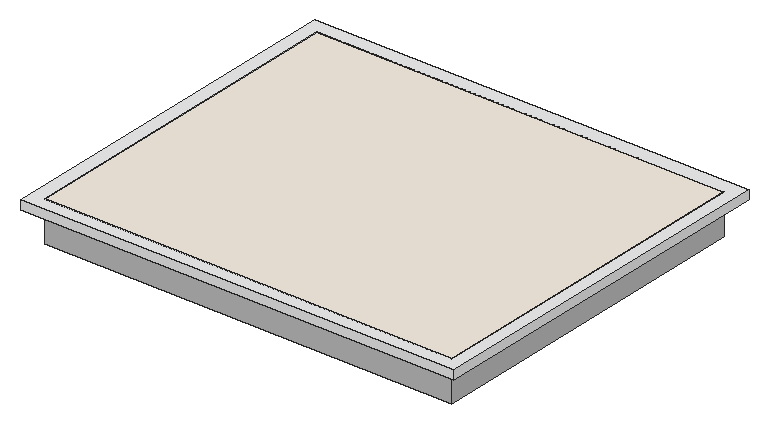
Revit family "Lighting-Industrial-GEWISS-ELIA-HL-LED_HIGHBAY", category Apparecchi per illuminazione, host Superficie, Revit 2019 (continued)
Types (12, lengths in mm): name | Weight (kg): | Weight (kg) | Voltage | Technical sheet | System power | Optic | built-in parameter 1150142 | Lumen output (lm) | Model | IDT | File diagramma fotometrico | Description
    5.45 1685.04 1609.22 1536.12 \r\n1464.72 1395.02 1325.66 1258.26 1193.91 1131.61 1070.15 \r\n1010.14 951.07 893.69 838.36 785.32 735.16 687.99 644.13 \r\n602.99 564.57 528.11 492.75 458.92 427.13 396.44 366.44 \r\n337.37 309.57 282.96 257.55 233.16 209.44 187.25 167.39 \r\n149.08 131.87 115.70 100.32 85.94 72.77 60.64 49.37 39.21 \r\n30.33 22.73 16.48 11.61 8.33 6.31 5.26 5.27 \r\n4943.60 4943.60 4943.60 4945.30 4946.15 4947.00 4948.70 \r\n4950.40 4952.10 4954.65 4956.35 4958.90 4962.30 4964.85 \r\n4968.25 4971.65 4975.90 4979.30 4984.40 4988.65 4993.75 \r\n4998.00 5003.10 5007.35 5012.45 5016.70 5020.95 5026.05 \r\n5031.15 5035.40 5040.50 5045.60 5050.70 5055.80 5061.75 \r\n5067.70 5073.65 5080.45 5086.40 5093.20 5099.15 5105.95 \r\n5111.90 5118.70 5125.50 5131.45 5138.25 5145.05 5151.00 \r\n5158.65 5165.45 5172.25 5179.05 5185.85 5191.80 5198.60 \r\n5205.40 5211.35 5218.15 5223.25 5228.35 5231.75 5236.00 \r\n5238.55 5241.95 5243.65 5245.35 5245.35 5245.35 5243.65 \r\n5241.95 5240.25 5236.85 5232.60 5226.65 5219.85 5212.20 \r\n5203.70 5192.65 5182.45 5169.70 5156.95 5142.50 5127.20 \r\n5110.20 5092.35 5072.80 5051.55 5028.60 5006.50 4981.85 \r\n4952.95 4921.50 4886.65 4849.25 4808.45 4763.40 4711.55 \r\n4653.75 4590.00 4521.15 4449.75 4374.10 4299.30 4221.95 \r\n4139.50 4049.40 3950.80 3846.25 3734.90 3621.00 3507.10 \r\n3394.05 3284.40 3174.75 3068.50 2964.80 2867.05 2770.15 \r\n2669.85 2571.25 2475.20 2381.70 2287.35 2194.70 2107.15 \r\n2021.30 1934.60 1848.75 1766.30 1686.14 1610.15 1536.80 \r\n1464.89 1394.68 1325.66 1258.60 1194.42 1131.94 1070.66 \r\n1010.57 951.58 894.12 838.78 785.74 735.42 688.16 644.22 \r\n603.08 564.57 528.11 492.83 459.00 427.04 396.44 366.44 \r\n337.45 309.83 283.31 257.72 233.32 209.70 187.59 167.59 \r\n149.20 131.95 115.75 100.40 86.05 72.86 60.70 49.44 39.29 \r\n30.35 22.73 16.50 11.68 8.41 6.38 5.31 5.28 \r\n4943.60 4943.60 4943.60 4945.30 4946.15 4947.00 4947.85 \r\n4950.40 4952.10 4953.80 4956.35 4958.90 4962.30 4964.85 \r\n4968.25 4971.65 4975.90 4979.30 4984.40 4988.65 4993.75 \r\n4998.00 5003.10 5007.35 5012.45 5017.55 5020.95 5026.05 \r\n5031.15 5036.25 5040.50 5046.45 5051.55 5057.50 5062.60 \r\n5068.55 5074.50 5081.30 5088.10 5094.05 5100.00 5105.95 \r\n5112.75 5118.70 5125.50 5132.30 5139.95 5145.90 5152.70 \r\n5158.65 5166.30 5173.10 5179.90 5186.70 5193.50 5200.30 \r\n5206.25 5213.05 5218.15 5223.25 5228.35 5233.45 5236.85 \r\n5240.25 5242.80 5245.35 5246.20 5247.05 5246.20 5245.35 \r\n5243.65 5241.10 5238.55 5233.45 5228.35 5221.55 5213.90 \r\n5204.55 5194.35 5182.45 5171.40 5157.80 5144.20 5128.05 \r\n5111.05 5092.35 5073.65 5052.40 5030.30 5006.50 4981.00 \r\n4952.95 4922.35 4887.50 4850.10 4808.45 4763.40 4712.40 \r\n4654.60 4590.00 4522.00 4449.75 4374.10 4300.15 4221.10 \r\n4137.80 4049.40 3950.80 3846.25 3734.90 3621.85 3507.95 \r\n3395.75 3284.40 3175.60 3069.35 2965.65 2867.90 2770.15 \r\n2670.70 2571.25 2476.05 2382.55 2288.20 2196.40 2108.00 \r\n2021.30 1935.45 1850.45 1768.00 1687.42 1611.26 1537.56 \r\n1465.23 1394.60 1325.74 1259.02 1194.93 1132.54 1071.26 \r\n1011.25 952.17 894.71 839.29 786.25 736.01 688.59 644.64 \r\n603.41 564.83 528.27 492.92 459.17 427.13 396.44 366.52 \r\n337.70 310.17 283.73 258.14 233.50 209.95 187.85 167.91 \r\n149.40 132.08 115.86 100.54 86.22 73.00 60.79 49.53 39.36 \r\n30.40 22.73 16.53 11.75 8.49 6.45 5.35 5.28 \r\n4943.60 4943.60 4943.60 4944.45 4946.15 4947.00 4948.70 \r\n4950.40 4952.10 4953.80 4956.35 4958.90 4962.30 4964.85 \r\n4968.25 4971.65 4975.05 4979.30 4984.40 4988.65 4993.75 \r\n4998.00 5003.10 5008.20 5012.45 5017.55 5021.80 5026.05 \r\n5031.15 5036.25 5042.20 5046.45 5051.55 5057.50 5063.45 \r\n5069.40 5076.20 5081.30 5088.10 5094.05 5100.85 5107.65 \r\n5113.60 5119.55 5127.20 5133.15 5139.95 5146.75 5152.70 \r\n5160.35 5166.30 5173.95 5180.75 5187.55 5193.50 5200.30 \r\n5207.10 5213.05 5219.85 5224.95 5230.05 5234.30 5238.55 \r\n5241.95 5244.50 5246.20 5247.90 5247.90 5247.05 5246.20 \r\n5244.50 5241.95 5238.55 5234.30 5229.20 5223.25 5214.75 \r\n5205.40 5195.20 5184.15 5172.25 5159.50 5144.20 5128.90 \r\n5111.90 5093.20 5073.65 5053.25 5030.30 5007.35 4981.85 \r\n4953.80 4922.35 4887.50 4850.10 4809.30 4763.40 4712.40 \r\n4654.60 4590.85 4522.00 4449.75 4374.95 4300.15 4221.10 \r\n4137.80 4048.55 3950.80 3846.25 3736.60 3622.70 3508.80 \r\n3396.60 3285.25 3176.45 3070.20 2966.50 2867.90 2771.00 \r\n2671.55 2572.10 2476.05 2382.55 2289.05 2197.25 2109.70 \r\n2023.00 1936.30 1852.15 1768.85 1688.78 1612.45 1538.41 \r\n1465.48 1394.51 1326.00 1259.62 1195.61 1133.31 1072.02 \r\n1012.01 952.93 895.47 839.97 786.93 736.70 689.18 645.15 \r\n603.84 565.16 528.45 493.17 459.42 427.38 396.52 366.69 \r\n337.96 310.50 284.15 258.49 233.84 210.29 188.36 168.24 \r\n149.65 132.27 116.03 100.72 86.43 73.17 60.92 49.65 39.47 \r\n30.45 22.75 16.57 11.83 8.57 6.52 5.40 5.29 \r\n4943.60 4943.60 4943.60 4944.45 4946.15 4947.85 4948.70 \r\n4950.40 4952.10 4953.80 4956.35 4958.90 4962.30 4964.85 \r\n4968.25 4971.65 4975.05 4979.30 4984.40 4988.65 4993.75 \r\n4998.00 5003.10 5008.20 5012.45 5017.55 5022.65 5026.90 \r\n5032.00 5037.10 5042.20 5048.15 5052.40 5058.35 5064.30 \r\n5070.25 5076.20 5082.15 5088.95 5095.75 5101.70 5107.65 \r\n5114.45 5120.40 5127.20 5134.00 5140.80 5147.60 5154.40 \r\n5160.35 5168.00 5174.80 5181.60 5188.40 5195.20 5202.00 \r\n5207.95 5214.75 5219.85 5226.65 5230.90 5236.00 5239.40 \r\n5242.80 5245.35 5247.05 5247.90 5248.75 5247.90 5247.05 \r\n5245.35 5242.80 5239.40 5236.00 5230.05 5223.25 5216.45 \r\n5207.10 5196.90 5185.00 5173.95 5160.35 5145.90 5129.75 \r\n5112.75 5094.90 5075.35 5053.25 5030.30 5007.35 4981.85 \r\n4953.80 4922.35 4888.35 4850.95 4809.30 4763.40 4712.40 \r\n4654.60 4590.00 4521.15 4449.75 4374.95 4299.30 4220.25 \r\n4136.95 4047.70 3949.95 3846.25 3736.60 3623.55 3510.50 \r\n3397.45 3286.10 3177.30 3070.20 2966.50 2867.90 2771.00 \r\n2670.70 2572.10 2476.05 2382.55 2289.05 2198.95 2110.55 \r\n2023.85 1937.15 1852.15 1769.70 1690.31 1613.64 1539.27 \r\n1465.82 1394.43 1326.17 1260.30 1196.38 1134.07 1072.95 \r\n1013.03 953.87 896.33 840.82 787.70 737.46 690.03 645.83 \r\n604.43 565.59 528.70 493.42 459.77 427.55 396.69 366.86 \r\n338.21 310.85 284.58 258.91 234.26 210.80 188.87 168.61 \r\n149.96 132.51 116.22 100.94 86.67 73.36 61.07 49.78 39.58 \r\n30.51 22.76 16.61 11.90 8.65 6.59 5.44 5.29 \r\n4943.60 4943.60 4943.60 4944.45 4946.15 4947.85 4948.70 \r\n4950.40 4952.10 4953.80 4956.35 4958.90 4962.30 4964.85 \r\n4968.25 4971.65 4975.05 4980.15 4984.40 4988.65 4993.75 \r\n4998.85 5003.10 5008.20 5013.30 5017.55 5022.65 5026.90 \r\n5032.00 5037.10 5043.05 5048.15 5054.10 5059.20 5065.15 \r\n5071.10 5077.05 5083.85 5089.80 5095.75 5102.55 5108.50 \r\n5114.45 5121.25 5128.05 5134.85 5141.65 5147.60 5154.40 \r\n5162.05 5168.00 5175.65 5182.45 5188.40 5195.20 5202.00 \r\n5208.80 5215.60 5221.55 5227.50 5232.60 5236.85 5241.10 \r\n5243.65 5247.05 5248.75 5248.75 5248.75 5248.75 5247.90 \r\n5246.20 5243.65 5240.25 5236.85 5230.90 5224.95 5216.45 \r\n5207.95 5197.75 5186.70 5174.80 5161.20 5146.75 5129.75 \r\n5112.75 5094.90 5075.35 5054.10 5030.30 5007.35 4981.85 \r\n4953.80 4922.35 4888.35 4850.95 4810.15 4764.25 4711.55 \r\n4654.60 4590.00 4521.15 4449.75 4374.95 4299.30 4220.25 \r\n4136.10 4046.85 3950.80 3847.10 3737.45 3624.40 3511.35 \r\n3398.30 3287.80 3178.15 3071.05 2967.35 2868.75 2771.85 \r\n2671.55 2572.10 2476.90 2382.55 2290.75 2199.80 2112.25 \r\n2024.70 1938.00 1853.85 1771.40 1691.76 1615.09 1540.29 \r\n1466.25 1394.43 1326.51 1261.06 1197.22 1135.01 1073.89 \r\n1013.97 954.80 897.26 841.75 788.63 738.39 690.88 646.68 \r\n605.03 566.10 529.13 493.77 460.11 427.81 396.87 367.12 \r\n338.56 311.36 285.09 259.34 234.51 211.23 189.29 169.10 \r\n150.31 132.78 116.44 101.18 86.94 73.58 61.23 49.92 39.71 \r\n30.57 22.79 16.66 11.98 8.73 6.66 5.49 5.30 \r\n4943.60 4943.60 4944.45 4944.45 4946.15 4947.85 4948.70 \r\n4950.40 4952.10 4953.80 4955.50 4958.90 4962.30 4964.85 \r\n4968.25 4971.65 4975.05 4980.15 4984.40 4988.65 4993.75 \r\n4998.85 5003.10 5008.20 5013.30 5018.40 5023.50 5028.60 \r\n5032.85 5037.95 5043.05 5049.00 5054.10 5060.05 5066.00 \r\n5071.95 5078.75 5083.85 5090.65 5096.60 5103.40 5109.35 \r\n5116.15 5122.10 5128.90 5135.70 5141.65 5148.45 5156.10 \r\n5162.05 5169.70 5176.50 5182.45 5190.10 5196.90 5203.70 \r\n5209.65 5216.45 5222.40 5228.35 5233.45 5237.70 5241.95 \r\n5245.35 5247.90 5249.60 5249.60 5249.60 5249.60 5248.75 \r\n5247.05 5244.50 5241.95 5236.85 5232.60 5225.80 5218.15 \r\n5208.80 5198.60 5187.55 5175.65 5162.05 5146.75 5131.45 \r\n5113.60 5095.75 5076.20 5054.10 5031.15 5007.35 4981.85 \r\n4953.80 4922.35 4889.20 4851.80 4810.15 4764.25 4711.55 \r\n4653.75 4589.15 4521.15 4448.90 4374.10 4299.30 4219.40 \r\n4136.10 4046.00 3949.95 3847.10 3737.45 3624.40 3512.20 \r\n3400.00 3287.80 3178.15 3071.05 2967.35 2868.75 2771.00 \r\n2671.55 2572.10 2476.90 2383.40 2290.75 2200.65 2112.25 \r\n2025.55 1939.70 1855.55 1773.10 1693.29 1616.36 1541.22 \r\n1466.68 1394.68 1327.02 1261.82 1198.16 1135.86 1074.91 \r\n1015.07 955.91 898.20 842.69 789.57 739.25 691.73 647.45 \r\n605.79 566.53 529.47 494.11 460.44 428.14 397.04 367.37 \r\n338.89 311.78 285.60 259.76 234.94 211.65 189.80 169.52 \r\n150.67 133.08 116.69 101.44 87.22 73.81 61.41 50.07 39.83 \r\n30.65 22.82 16.71 12.06 8.81 6.73 5.53 5.31 \r\n4943.60 4943.60 4944.45 4944.45 4946.15 4947.00 4948.70 \r\n4950.40 4952.10 4953.80 4956.35 4958.90 4962.30 4964.00 \r\n4968.25 4971.65 4975.90 4980.15 4984.40 4989.50 4993.75 \r\n4998.85 5003.95 5008.20 5013.30 5018.40 5023.50 5028.60 \r\n5033.70 5038.80 5044.75 5049.00 5054.95 5060.90 5066.85 \r\n5071.95 5078.75 5084.70 5091.50 5098.30 5103.40 5110.20 \r\n5116.15 5122.95 5128.90 5135.70 5143.35 5149.30 5156.10 \r\n5162.90 5170.55 5176.50 5184.15 5190.95 5196.90 5203.70 \r\n5210.50 5217.30 5224.10 5229.20 5235.15 5238.55 5242.80 \r\n5246.20 5248.75 5250.45 5251.30 5251.30 5250.45 5249.60 \r\n5247.90 5246.20 5242.80 5238.55 5233.45 5226.65 5219.00 \r\n5210.50 5199.45 5188.40 5176.50 5162.90 5147.60 5132.30 \r\n5113.60 5095.75 5076.20 5054.95 5031.15 5007.35 4982.70 \r\n4953.80 4922.35 4889.20 4852.65 4810.15 4764.25 4711.55 \r\n4652.90 4588.30 4520.30 4448.05 4374.10 4298.45 4219.40 \r\n4135.25 4046.00 3949.95 3847.10 3738.30 3625.25 3513.05 \r\n3400.00 3289.50 3178.15 3071.90 2968.20 2868.75 2771.85 \r\n2672.40 2572.95 2476.90 2383.40 2290.75 2201.50 2113.95 \r\n2026.40 1940.55 1855.55 1774.80 1694.81 1617.63 1542.15 \r\n1467.36 1394.94 1327.53 1262.85 1199.10 1136.79 1075.85 \r\n1016.00 956.84 899.13 843.71 790.50 740.26 692.75 648.29 \r\n606.56 567.12 529.89 494.62 460.87 428.31 397.29 367.54 \r\n339.23 312.20 286.11 260.19 235.28 212.16 190.40 170.06 \r\n151.05 133.39 116.97 101.72 87.50 74.06 61.61 50.23 39.97 \r\n30.74 22.87 16.77 12.14 8.89 6.79 5.57 5.31 \r\n4943.60 4943.60 4944.45 4944.45 4946.15 4947.00 4948.70 \r\n4950.40 4952.10 4953.80 4956.35 4958.90 4962.30 4964.00 \r\n4968.25 4971.65 4975.90 4980.15 4984.40 4989.50 4993.75 \r\n4998.85 5003.95 5009.05 5013.30 5018.40 5023.50 5028.60 \r\n5033.70 5039.65 5044.75 5050.70 5055.80 5061.75 5066.85 \r\n5073.65 5079.60 5086.40 5091.50 5098.30 5105.10 5110.20 \r\n5117.00 5122.95 5129.75 5136.55 5143.35 5150.15 5156.95 \r\n5163.75 5170.55 5178.20 5184.15 5190.95 5198.60 5205.40 \r\n5212.20 5219.00 5224.95 5230.05 5235.15 5240.25 5244.50 \r\n5247.05 5250.45 5251.30 5252.15 5252.15 5252.15 5250.45 \r\n5248.75 5247.05 5243.65 5239.40 5234.30 5227.50 5219.85 \r\n5210.50 5200.30 5189.25 5176.50 5163.75 5148.45 5131.45 \r\n5114.45 5096.60 5076.20 5054.95 5032.00 5007.35 4981.85 \r\n4953.80 4922.35 4889.20 4852.65 4811.00 4763.40 4710.70 \r\n4652.05 4587.45 4519.45 4447.20 4374.10 4297.60 4218.55 \r\n4134.40 4045.15 3949.10 3847.10 3738.30 3626.10 3513.90 \r\n3400.85 3289.50 3179.85 3071.90 2968.20 2869.60 2771.00 \r\n2671.55 2572.95 2476.90 2383.40 2292.45 2202.35 2113.95 \r\n2027.25 1941.40 1857.25 1774.80 1696.09 1618.82 1543.09 \r\n1467.95 1395.36 1328.21 1263.78 1200.03 1137.72 1076.87 \r\n1017.11 957.87 900.15 844.56 791.43 741.20 693.68 649.14 \r\n607.33 567.72 530.32 494.95 461.21 428.65 397.55 367.96 \r\n339.58 312.63 286.62 260.61 235.79 212.59 190.91 170.52 \r\n151.44 133.72 117.25 102.00 87.79 74.31 61.80 50.40 40.09 \r\n30.82 22.92 16.83 12.22 8.96 6.85 5.60 5.32 \r\n4943.60 4943.60 4944.45 4944.45 4946.15 4947.00 4948.70 \r\n4950.40 4952.10 4953.80 4956.35 4958.90 4962.30 4964.00 \r\n4968.25 4972.50 4975.90 4980.15 4984.40 4989.50 4993.75 \r\n4998.85 5003.95 5009.05 5014.15 5019.25 5024.35 5029.45 \r\n5034.55 5039.65 5044.75 5050.70 5056.65 5062.60 5068.55 \r\n5073.65 5079.60 5086.40 5092.35 5099.15 5105.10 5111.90 \r\n5117.85 5123.80 5130.60 5137.40 5144.20 5151.00 5157.80 \r\n5164.60 5172.25 5178.20 5185.85 5192.65 5199.45 5206.25 \r\n5213.05 5219.85 5225.80 5231.75 5236.00 5241.10 5245.35 \r\n5248.75 5250.45 5252.15 5253.00 5253.00 5252.15 5251.30 \r\n5249.60 5247.05 5243.65 5240.25 5235.15 5229.20 5220.70 \r\n5211.35 5201.15 5190.10 5177.35 5164.60 5148.45 5132.30 \r\n5115.30 5096.60 5076.20 5054.95 5032.00 5008.20 4982.70 \r\n4953.80 4923.20 4890.05 4853.50 4811.00 4763.40 4710.70 \r\n4651.20 4586.60 4518.60 4446.35 4373.25 4296.75 4218.55 \r\n4133.55 4044.30 3948.25 3846.25 3738.30 3626.10 3513.90 \r\n3401.70 3289.50 3179.85 3072.75 2969.05 2869.60 2771.85 \r\n2671.55 2573.80 2476.90 2383.40 2292.45 2203.20 2114.80 \r\n2028.10 1942.25 1858.10 1776.50 1697.62 1620.02 1544.11 \r\n1468.63 1395.95 1328.97 1264.80 1201.13 1138.74 1077.80 \r\n1018.04 958.72 900.91 845.50 792.37 742.13 694.71 650.08 \r\n608.00 568.22 530.65 495.30 461.55 428.91 397.71 368.13 \r\n339.92 313.06 286.96 261.04 236.13 213.09 191.42 170.99 \r\n151.82 134.05 117.54 102.29 88.06 74.55 61.99 50.55 40.22 \r\n30.91 22.98 16.90 12.29 9.03 6.91 5.64 5.32 \r\n4943.60 4943.60 4944.45 4944.45 4946.15 4947.00 4948.70 \r\n4950.40 4952.10 4953.80 4956.35 4958.90 4962.30 4964.00 \r\n4968.25 4972.50 4976.75 4980.15 4985.25 4989.50 4994.60 \r\n4999.70 5003.95 5009.05 5014.15 5019.25 5024.35 5029.45 \r\n5034.55 5039.65 5045.60 5050.70 5056.65 5062.60 5068.55 \r\n5074.50 5081.30 5086.40 5092.35 5099.15 5105.95 5111.90 \r\n5118.70 5124.65 5131.45 5137.40 5145.05 5151.85 5158.65 \r\n5166.30 5172.25 5179.90 5186.70 5193.50 5201.15 5207.95 \r\n5214.75 5221.55 5227.50 5232.60 5237.70 5241.95 5246.20 \r\n5249.60 5251.30 5253.00 5254.70 5254.70 5253.00 5252.15 \r\n5250.45 5247.90 5244.50 5241.10 5235.15 5230.05 5221.55 \r\n5212.20 5202.00 5190.10 5178.20 5164.60 5149.30 5133.15 \r\n5115.30 5096.60 5077.05 5055.80 5032.85 5009.05 4983.55 \r\n4954.65 4924.05 4890.90 4854.35 4811.85 4763.40 4709.85 \r\n4650.35 4585.75 4516.05 4446.35 4372.40 4297.60 4218.55 \r\n4133.55 4043.45 3948.25 3846.25 3737.45 3626.10 3513.90 \r\n3400.85 3289.50 3179.85 3073.60 2969.90 2869.60 2771.00 \r\n2672.40 2573.80 2476.90 2382.55 2292.45 2203.20 2115.65 \r\n2028.10 1942.25 1858.10 1777.35 1698.13 1620.53 1544.88 \r\n1469.90 1397.82 1331.02 1266.59 1202.32 1139.51 1078.48 \r\n1018.64 959.31 901.34 845.92 792.88 742.64 695.22 650.59 \r\n608.60 568.65 531.00 495.55 461.72 429.25 398.06 368.39 \r\n340.17 313.14 287.05 261.12 236.30 213.26 191.68 171.22 \r\n152.08 134.35 117.86 102.54 88.24 74.71 62.17 50.69 40.32 \r\n31.02 23.09 16.99 12.37 9.10 6.97 5.68 5.33 \r\n4943.60 4943.60 4944.45 4944.45 4946.15 4947.00 4948.70 \r\n4950.40 4952.10 4953.80 4956.35 4958.90 4962.30 4964.85 \r\n4968.25 4972.50 4976.75 4980.15 4985.25 4989.50 4994.60 \r\n4999.70 5004.80 5010.75 5015.00 5020.10 5025.20 5030.30 \r\n5035.40 5041.35 5046.45 5052.40 5057.50 5062.60 5068.55 \r\n5075.35 5081.30 5087.25 5093.20 5099.15 5105.95 5112.75 \r\n5118.70 5125.50 5131.45 5138.25 5145.90 5152.70 5158.65 \r\n5166.30 5173.95 5180.75 5188.40 5195.20 5202.00 5208.80 \r\n5215.60 5222.40 5229.20 5234.30 5238.55 5243.65 5247.90 \r\n5251.30 5253.00 5254.70 5254.70 5254.70 5254.70 5253.85 \r\n5252.15 5249.60 5246.20 5241.95 5236.85 5230.05 5222.40 \r\n5213.05 5202.85 5190.95 5179.05 5165.45 5150.15 5133.15 \r\n5116.15 5097.45 5077.90 5056.65 5033.70 5009.90 4984.40 \r\n4956.35 4924.90 4892.60 4855.20 4811.85 4763.40 4709.00 \r\n4649.50 4584.90 4515.20 4444.65 4372.40 4296.75 4217.70 \r\n4133.55 4043.45 3947.40 3846.25 3737.45 3625.25 3512.20 \r\n3400.00 3289.50 3179.85 3073.60 2969.05 2869.60 2771.85 \r\n2671.55 2573.80 2477.75 2383.40 2291.60 2203.20 2114.80 \r\n2028.10 1943.10 1859.80 1777.35 1698.56 1621.04 1545.56 \r\n1471.27 1399.78 1332.97 1268.37 1203.60 1140.36 1079.08 \r\n1019.15 959.57 901.68 846.26 793.39 743.16 695.64 651.10 \r\n6
